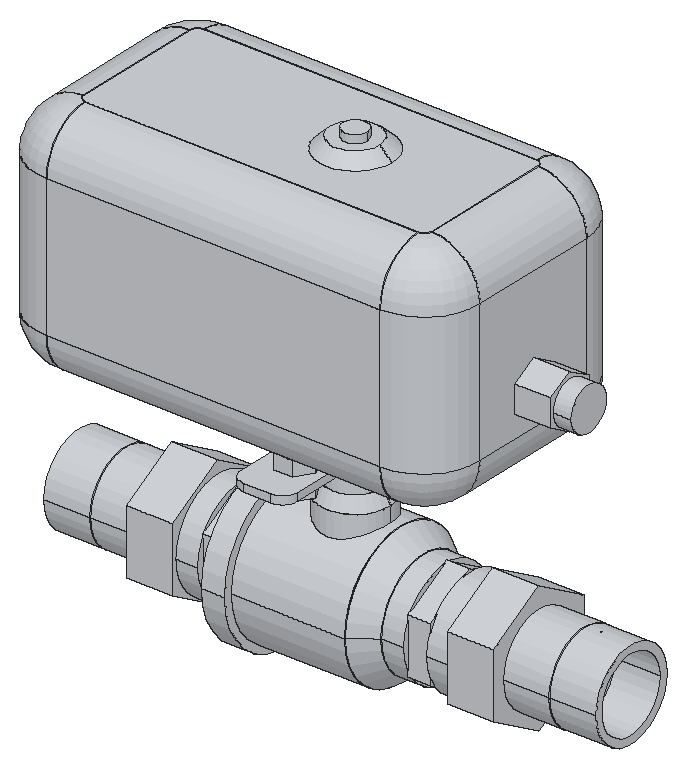
Revit family "306_82bbff842aca4f1c849c2f4f0a8b76", category Pipe Accessories, Revit 2022
Family settings
  Round Connector Dimension = Use Diameter
  Part Type = Valve - Breaks Into
  Work Plane-Based = No
  Always vertical = Yes
  Cut with Voids When Loaded = No
  Shared = No
Parameters (values of type "300115 34")
  magiProductId = "0273a7fd17934a97878f65b45ca933"
  magiProductFamilyId = "82bbff842aca4f1c849c2f4f0a8b76"
  magiPartTypeId = 306
  isMeasuringValve [instance] = no
  ang2D [instance] = 0.00°
  W2D = 25 mm
  VersionID = "2.0/2018.5.23.1/FAR_300115_001"
  Use Minimum Symbol Size [instance] = yes
  TS__ve = -TS  # -12.5 mm
  TS = 12.5 mm
  RW = 5.84 mm
  RT2 = 18.9 mm
  RT1 = 14.4 mm
  RT = 12 mm
  RNR = 7.3 mm
  RH = 3.808 mm
  R = 10 mm
  QmdConnectorList = "301;D;302;D"
  Productdata [instance] = "© MagiCAD Group, all rights reserved"
  NT__ve = -NT  # -12.4 mm
  NT = 12.4 mm
  NRS1 = 5.13 mm
  NR2 = 21 mm
  NR1 = 15 mm
  NR = 17.5 mm
  Manufacturer = "FAR"
  MC Product Code = "300115 34"
  LR__ve = -LR  # -30.8 mm
  LR = 30.8 mm
  L2D_Min = 3048 mm
  L2D = 144 mm
  L2 = 62 mm
  L1__ve = -L1  # -6.2 mm
  L1 = 6.2 mm
  KT2 = 3.3 mm
  KT1 = 6.6 mm
  KT = 9.9 mm
  GG__ve = -GG  # -36 mm
  GG = 36 mm
  G2 = 33 mm
  G1 = 19.8 mm
  Description = "Chr.-plated 2-way zone valve, 230V actuator, M-M connections"
  Default Elevation = 0 mm
  D = 20 mm
  CenSd_RNR_6 = RNR * cos(30.00°)  # 6.322 mm
  CenSd_NR_6 = NR * cos(30.00°)  # 15.155 mm
  CenSd_NRS1_6 = NRS1 * cos(30.00°)  # 4.443 mm
  CenSd_NR1_6 = NR1 * cos(30.00°)  # 12.99 mm
  CC1__ve = -CC1  # -38 mm
  CC1 = 38 mm
  CC = 64 mm
  BR1 = 7.6 mm
  BR = 9.5 mm
  B22 = 9.5 mm
  B2 = 11.5 mm
  B1 = 3.8 mm
  B0 = 22.7 mm
  AL3__ve = -AL3  # -90 mm
  AL3 = 90 mm
  AL2 = 48 mm
  AL1 = 72 mm
Types (4, lengths in mm): name | magiProductId | TS__ve | TS | RT2 | RT1 | RT | R | Productdata | NT__ve | NT | NRS1 | NR2 | NR1 | NR | MC Product Code | LR__ve | LR | L2 | L1__ve | L1 | D | CenSd_NR_6 | CenSd_NRS1_6 | CenSd_NR1_6 | BR1 | BR | B22 | B2 | B1 | B0
  300115 1 | "1726f645174242c28cbff20ad7d764" | -12 | 12 | 23.4 | 18 | 15 | 12.5 | "© Progman Oy, all rights reserved" | -14.4 | 14.4 | 6.413 | 26 | 18.75 | 21.875 | "300115 1" | -40.8 | 40.8 | 72 | -7.2 | 7.2 | 25 | 18.944 | 5.553 | 16.238 | 9.5 | 11.875 | 8.2 | 10.2 | 4.2 | 27.6
  300115 114 | "f08519b185ec4c089e5141239e042f" | -12.5 | 12.5 | 27.9 | 23.04 | 19.2 | 16 | "© Progman Oy, all rights reserved" | -16.4 | 16.4 | 8.208 | 31 | 24 | 28 | "300115 114" | -48.8 | 48.8 | 82 | -8.2 | 8.2 | 32 | 24.249 | 7.108 | 20.785 | 12.16 | 15.2 | 7.7 | 9.7 | 4.7 | 32.6
  300115 12 | "e5f44b288bd44e73a8be78a9bcda85" | -12.5 | 12.5 | 14.4 | 10.8 | 9 | 7.5 | "© Progman Oy, all rights reserved" | -11 | 11 | 3.848 | 16 | 11.25 | 13.125 | "300115 12" | -24.5 | 24.5 | 55 | -5.5 | 5.5 | 15 | 11.367 | 3.332 | 9.743 | 5.7 | 7.125 | 10 | 12 | 3.3 | 17.7
  300115 34 | "0273a7fd17934a97878f65b45ca933" | -12.5 | 12.5 | 18.9 | 14.4 | 12 | 10 | "© MagiCAD Group, all rights reserved" | -12.4 | 12.4 | 5.13 | 21 | 15 | 17.5 | "300115 34" | -30.8 | 30.8 | 62 | -6.2 | 6.2 | 20 | 15.155 | 4.443 | 12.99 | 7.6 | 9.5 | 9.5 | 11.5 | 3.8 | 22.7
Reference planes
  plane 1 "Center (Front/Back)": y = 0
  plane 2 "XYPLANE": z = 0
  plane 3 "Center (Left/Right)": x = 0
  plane 4 "193": z = 36
  plane 5 "173": z = 65
  plane 6 "172": x = 58
  plane 7 "164": z = 109
  plane 8 "138": z = 55
  plane 9 "127": z = 93
  plane 10 "117": y = 20
  plane 11 "113": x = 35
  plane 12 "107": y = -20
  plane 13 "103": x = -59
  plane 14 "100": z = 93
  plane 15 "99": z = 106
  plane 16 "93": z = 42
  plane 17 "92": y = 18
  plane 18 "91": y = -18
  plane 19 "90": x = 33
  plane 20 "89": x = -57
  plane 21 "88": x = -72
  plane 22 "87": x = 48
  plane 23 "84": x = -7.6
  plane 24 "83": x = 7.6
  plane 25 "82": y = -33
  plane 26 "81": y = 33
  plane 27 "69": y = -19.8
  plane 28 "68": y = 19.8
  plane 29 "62": z = 38
  plane 30 "58": z = 26.5
  plane 31 "57": z = 22.7
  plane 32 "51": x = 24.7
  plane 33 "46": x = 12.3
  plane 34 "45": x = 18.5
  plane 35 "42": x = -24.7
  plane 36 "39": x = 30.9
  plane 37 "38": x = 37.1
  plane 38 "33": x = -30.9
  plane 39 "32": x = -37.1
  plane 40 "27": x = 49.5
  plane 41 "26": x = 74.5
  plane 42 "17": x = -49.5
  plane 43 "15": x = -74.5
  plane 44 "8": y = 0
  plane 45 "7": z = 0
  plane 46 "6": x = -62
  plane 47 "5": x = 62
  plane 48 "4": x = 0
Forms (mm)
  Extrusion 1, solid
    sketch origin (48, -750, 0) x (0, 1, 0) y (0, 0, 1)
      loop
        line (750, 72.3) -> (743.678, 68.65) -> (743.678, 61.35) -> (750, 57.7) -> (756.322, 61.35) -> (756.322, 68.65) -> (750, 72.3)
    from 0 to 10
  Extrusion 2, solid
    sketch origin (58, -750, 0) x (0, 1, 0) y (0, 0, 1)
      loop
        circle (750, 65) r 5.84
    from 0 to 5
  Extrusion 3, solid
    sketch origin (-750, 0, 109) x (1, 0, 0) y (0, 1, 0)
      loop
        circle (750, 0) r 3.3
    from 0 to 2
  Blend 4, solid
    base sketch origin (-750, 0, 106) x (1, 0, 0) y (0, 1, 0)
      loop
        circle (750, 0) r 9.9
    top sketch origin (-750, 0, 106) x (1, 0, 0) y (0, 1, 0)
      loop
        circle (750, 0) r 6.6
    from 0 to 3
  Extrusion 5, solid
    sketch origin (-750, 0, 42) x (1, 0, 0) y (0, 1, 0)
      loop
        line (693, -20) -> (783, -20)
        arc (783, -20) -> (784.414, -19.414) -> (785, -18) r 2
        line (785, -18) -> (785, 18)
        arc (785, 18) -> (784.414, 19.414) -> (783, 20) r 2
        line (783, 20) -> (693, 20)
        arc (693, 20) -> (691.586, 19.414) -> (691, 18) r 2
        line (691, 18) -> (691, -18)
        arc (691, -18) -> (691.586, -19.414) -> (693, -20) r 2
    from 0 to 13
  Extrusion 6, solid
    sketch origin (750, -18, 0) x (-1, 0, 0) y (0, 0, 1)
      loop
        line (715, 55) -> (702, 55)
        arc (702, 55) -> (705.808, 45.808) -> (715, 42) r 13
        line (715, 42) -> (715, 55)
    from 0 to 36 <- "GG"
  Extrusion 7, solid
    sketch origin (750, 18, 0) x (-1, 0, 0) y (0, 0, 1)
      loop
        line (809, 55) -> (809, 42)
        arc (809, 42) -> (818.192, 45.808) -> (822, 55) r 13
        line (822, 55) -> (809, 55)
    from 0 to -36 <- "GG__ve"
  Extrusion 8, solid
    sketch origin (33, -750, 0) x (0, 1, 0) y (0, 0, 1)
      loop
        line (770, 55) -> (770, 42)
        arc (770, 42) -> (779.192, 45.808) -> (783, 55) r 13
        line (783, 55) -> (770, 55)
    from 0 to -90 <- "AL3__ve"
  Revolve 9, solid
    sketch origin (33, 20, 59) x (0, 1, 0) y (0, 0, 1)
      loop
        line (0, -4) -> (0, -17)
        arc (0, -17) -> (9.192, -13.192) -> (13, -4) r 13
        line (13, -4) -> (0, -4)
      axis (-2, -17) -> (-2, -4)
    angle from 0 to -90
  Revolve 10, solid
    sketch origin (-59, 18, 59) x (0, 0, 1) y (1, 0, 0)
      loop
        line (-4, 0) -> (-17, 0)
        arc (-17, 0) -> (-13.192, -9.192) -> (-4, -13) r 13
        line (-4, -13) -> (-4, 0)
      axis (-17, 2) -> (-4, 2)
    angle from 0 to -90
  Extrusion 11, solid
    sketch origin (-57, -750, 0) x (0, 1, 0) y (0, 0, 1)
      loop
        line (730, 55) -> (717, 55)
        arc (717, 55) -> (720.808, 45.808) -> (730, 42) r 13
        line (730, 42) -> (730, 55)
    from 0 to 90 <- "AL3"
  Revolve 12, solid
    sketch origin (35, -18, 59) x (0, 0, -1) y (1, 0, 0)
      loop
        line (4, 0) -> (17, 0)
        arc (17, 0) -> (13.192, 9.192) -> (4, 13) r 13
        line (4, 13) -> (4, 0)
      axis (17, -2) -> (4, -2)
    angle from 0 to -90
  Revolve 13, solid
    sketch origin (-57, -20, 59) x (0, -1, 0) y (0, 0, 1)
      loop
        line (0, -4) -> (0, -17)
        arc (0, -17) -> (9.192, -13.192) -> (13, -4) r 13
        line (13, -4) -> (0, -4)
      axis (-2, -17) -> (-2, -4)
    angle from 0 to -90
  Extrusion 14, solid
    sketch origin (-750, 0, 93) x (1, 0, 0) y (0, 1, 0)
      loop
        line (693, -33) -> (783, -33)
        arc (783, -33) -> (793.607, -28.607) -> (798, -18) r 15
        line (798, -18) -> (798, 18)
        arc (798, 18) -> (793.607, 28.607) -> (783, 33) r 15
        line (783, 33) -> (693, 33)
        arc (693, 33) -> (682.393, 28.607) -> (678, 18) r 15
        line (678, 18) -> (678, -18)
        arc (678, -18) -> (682.393, -28.607) -> (693, -33) r 15
    from 0 to -38 <- "CC1__ve"
  Extrusion 15, solid
    sketch origin (-57, -750, 0) x (0, 1, 0) y (0, 0, 1)
      loop
        line (730, 93) -> (730, 106)
        arc (730, 106) -> (720.808, 102.192) -> (717, 93) r 13
        line (717, 93) -> (730, 93)
    from 0 to 90 <- "AL3"
  Extrusion 16, solid
    sketch origin (33, -750, 0) x (0, 1, 0) y (0, 0, 1)
      loop
        line (770, 93) -> (783, 93)
        arc (783, 93) -> (779.192, 102.192) -> (770, 106) r 13
        line (770, 106) -> (770, 93)
    from 0 to -90 <- "AL3__ve"
  Extrusion 17, solid
    sketch origin (-750, 0, 106) x (1, 0, 0) y (0, 1, 0)
      loop
        line (693, -20) -> (783, -20)
        arc (783, -20) -> (784.414, -19.414) -> (785, -18) r 2
        line (785, -18) -> (785, 18)
        arc (785, 18) -> (784.414, 19.414) -> (783, 20) r 2
        line (783, 20) -> (693, 20)
        arc (693, 20) -> (691.586, 19.414) -> (691, 18) r 2
        line (691, 18) -> (691, -18)
        arc (691, -18) -> (691.586, -19.414) -> (693, -20) r 2
    from 0 to -13
  Extrusion 18, solid
    sketch origin (750, -18, 0) x (-1, 0, 0) y (0, 0, 1)
      loop
        line (715, 93) -> (715, 106)
        arc (715, 106) -> (705.808, 102.192) -> (702, 93) r 13
        line (702, 93) -> (715, 93)
    from 0 to 36 <- "GG"
  Revolve 19, solid
    sketch origin (33, 20, 97) x (0, 1, 0) y (0, 0, 1)
      loop
        line (0, -4) -> (13, -4)
        arc (13, -4) -> (9.192, 5.192) -> (0, 9) r 13
        line (0, 9) -> (0, -4)
      axis (-2, -4) -> (-2, 9)
    angle from 0 to -90
  Revolve 20, solid
    sketch origin (35, -18, 97) x (0, 0, -1) y (1, 0, 0)
      loop
        line (4, 0) -> (4, 13)
        arc (4, 13) -> (-5.192, 9.192) -> (-9, 0) r 13
        line (-9, 0) -> (4, 0)
      axis (4, -2) -> (-9, -2)
    angle from 0 to -90
  Extrusion 21, solid
    sketch origin (750, 18, 0) x (-1, 0, 0) y (0, 0, 1)
      loop
        line (809, 93) -> (822, 93)
        arc (822, 93) -> (818.192, 102.192) -> (809, 106) r 13
        line (809, 106) -> (809, 93)
    from 0 to -36 <- "GG__ve"
  Revolve 22, solid
    sketch origin (-57, -20, 97) x (0, -1, 0) y (0, 0, 1)
      loop
        line (0, -4) -> (13, -4)
        arc (13, -4) -> (9.192, 5.192) -> (0, 9) r 13
        line (0, 9) -> (0, -4)
      axis (-2, -4) -> (-2, 9)
    angle from 0 to -90
  Revolve 23, solid
    sketch origin (-59, 18, 97) x (0, 0, 1) y (1, 0, 0)
      loop
        line (-4, 0) -> (-4, -13)
        arc (-4, -13) -> (5.192, -9.192) -> (9, 0) r 13
        line (9, 0) -> (-4, 0)
      axis (-4, 2) -> (9, 2)
    angle from 0 to -90
  Extrusion 24, solid
    sketch origin (-750, 0, 38) x (1, 0, 0) y (0, 1, 0)
      loop
        arc (753.6, -33) -> (756.428, -31.828) -> (757.6, -29) r 4
        line (757.6, -29) -> (757.6, 29)
        arc (757.6, 29) -> (756.428, 31.828) -> (753.6, 33) r 4
        line (753.6, 33) -> (746.4, 33)
        arc (746.4, 33) -> (743.572, 31.828) -> (742.4, 29) r 4
        line (742.4, 29) -> (742.4, -29)
        arc (742.4, -29) -> (743.572, -31.828) -> (746.4, -33) r 4
        line (746.4, -33) -> (753.6, -33)
    from 0 to -2
  Blend 25, solid
    base sketch origin (18.5, -750, 0) x (0, 1, 0) y (0, 0, 1)
      loop
        circle (750, 0) r 14.4
    top sketch origin (18.5, -750, 0) x (0, 1, 0) y (0, 0, 1)
      loop
        circle (750, 0) r 18.9
    from 0 to -6.2
  Extrusion 26, solid
    sketch origin (12.3, -750, 0) x (0, 1, 0) y (0, 0, 1)
      loop
        circle (750, 0) r 18.9
    from 0 to -30.8 <- "LR__ve"
  Extrusion 27, solid
    sketch origin (-750, 0, 38) x (1, 0, 0) y (0, 1, 0)
      loop
        circle (750, 0) r 5.13
    from 0 to 4
  Extrusion 28, solid
    sketch origin (-750, 0, 36) x (1, 0, 0) y (0, 1, 0)
      loop
        line (755.13, -19.8) -> (752.565, -15.357) -> (747.435, -15.357) -> (744.87, -19.8) -> (747.435, -24.243) -> (752.565, -24.243) -> (755.13, -19.8)
    from 0 to -4
  Extrusion 29, solid
    sketch origin (-750, 0, 36) x (1, 0, 0) y (0, 1, 0)
      loop
        line (755.13, 19.8) -> (752.565, 24.243) -> (747.435, 24.243) -> (744.87, 19.8) -> (747.435, 15.357) -> (752.565, 15.357) -> (755.13, 19.8)
    from 0 to -4
  Extrusion 30, solid
    sketch origin (-750, 0, 38) x (1, 0, 0) y (0, 1, 0)
      loop
        line (755.13, -19.8) -> (752.565, -15.357) -> (747.435, -15.357) -> (744.87, -19.8) -> (747.435, -24.243) -> (752.565, -24.243) -> (755.13, -19.8)
    from 0 to 4
  Extrusion 31, solid
    sketch origin (-750, 0, 38) x (1, 0, 0) y (0, 1, 0)
      loop
        line (755.13, 19.8) -> (752.565, 24.243) -> (747.435, 24.243) -> (744.87, 19.8) -> (747.435, 15.357) -> (752.565, 15.357) -> (755.13, 19.8)
    from 0 to 4
  Extrusion 32, solid
    sketch origin (-750, 0, 26.5) x (1, 0, 0) y (0, 1, 0)
      loop
        circle (750, 0) r 7.6
    from 0 to 9.5 <- "B22"
  Blend 33, solid
    base sketch origin (-750, 0, 22.7) x (1, 0, 0) y (0, 1, 0)
      loop
        circle (750, 0) r 9.5
    top sketch origin (-750, 0, 22.7) x (1, 0, 0) y (0, 1, 0)
      loop
        circle (750, 0) r 7.6
    from 0 to 3.8
  Extrusion 34, solid
    sketch origin (-750, 0, 0) x (1, 0, 0) y (0, 1, 0)
      loop
        circle (750, 0) r 9.5
    from 0 to 22.7 <- "B0"
  Extrusion 35, solid
    sketch origin (-24.7, -750, 0) x (0, 1, 0) y (0, 0, 1)
      loop
        circle (750, 0) r 21
    from 0 to 6.2 <- "L1"
  Extrusion 36, solid
    sketch origin (24.7, -750, 0) x (0, 1, 0) y (0, 0, 1)
      loop
        circle (750, 0) r 14.4
    from 0 to -6.2 <- "L1__ve"
  Extrusion 37, solid
    sketch origin (37.1, -750, 0) x (0, 1, 0) y (0, 0, 1)
      loop
        circle (750, 0) r 14.4
    from 0 to -6.2 <- "L1__ve"
  Extrusion 38, solid
    sketch origin (30.9, -750, 0) x (0, 1, 0) y (0, 0, 1)
      loop
        line (750, 15) -> (737.01, 7.5) -> (737.01, -7.5) -> (750, -15) -> (762.99, -7.5) -> (762.99, 7.5) -> (750, 15)
    from 0 to -6.2 <- "L1__ve"
  Extrusion 39, solid
    sketch origin (-30.9, -750, 0) x (0, 1, 0) y (0, 0, 1)
      loop
        line (750, 15) -> (737.01, 7.5) -> (737.01, -7.5) -> (750, -15) -> (762.99, -7.5) -> (762.99, 7.5) -> (750, 15)
    from 0 to 6.2 <- "L1"
  Extrusion 40, solid
    sketch origin (-37.1, -750, 0) x (0, 1, 0) y (0, 0, 1)
      loop
        circle (750, 0) r 14.4
    from 0 to 6.2 <- "L1"
  Extrusion 41, solid
    sketch origin (74.5, -750, 0) x (0, 1, 0) y (0, 0, 1)
      loop
        circle (750, 0) r 12
      loop
        circle (750, 0) r 10
    from 0 to -12.5 <- "TS__ve"
  Extrusion 42, solid
    sketch origin (62, -750, 0) x (0, 1, 0) y (0, 0, 1)
      loop
        circle (750, 0) r 12
    from 0 to -12.5 <- "TS__ve"
  Extrusion 43, solid
    sketch origin (49.5, -750, 0) x (0, 1, 0) y (0, 0, 1)
      loop
        line (750, 17.5) -> (734.845, 8.75) -> (734.845, -8.75) -> (750, -17.5) -> (765.155, -8.75) -> (765.155, 8.75) -> (750, 17.5)
    from 0 to -12.4 <- "NT__ve"
  Extrusion 44, solid
    sketch origin (-49.5, -750, 0) x (0, 1, 0) y (0, 0, 1)
      loop
        line (750, 17.5) -> (734.845, 8.75) -> (734.845, -8.75) -> (750, -17.5) -> (765.155, -8.75) -> (765.155, 8.75) -> (750, 17.5)
    from 0 to 12.4 <- "NT"
  Extrusion 45, solid
    sketch origin (-62, -750, 0) x (0, 1, 0) y (0, 0, 1)
      loop
        circle (750, 0) r 12
    from 0 to 12.5 <- "TS"
  Extrusion 46, solid
    sketch origin (-74.5, -750, 0) x (0, 1, 0) y (0, 0, 1)
      loop
        circle (750, 0) r 12
      loop
        circle (750, 0) r 10
    from 0 to 12.5 <- "TS"
  Extrusion 47, solid, not visible
    sketch origin (62, -750, 0) x (0, 1, 0) y (0, 0, 1)
      loop
        circle (750, 0) r 10
    from 0 to -10
  Extrusion 48, solid, not visible
    sketch origin (-62, -750, 0) x (0, 1, 0) y (0, 0, 1)
      loop
        circle (750, 0) r 10
    from 0 to 10
Lines and regions (mm)
  reference lines, not visible
    curve 1: circle (2, 2, 0) r 1 normal (0, 0, 1)
  reference lines
    curve 2: line (48, 0, 65) -> (48, -3.161, 63.175)
    curve 3: line (48, 0, 65) -> (48, 0, 61.35)
    curve 4: line (48, 0, 65) -> (48, 3.161, 63.175)
    curve 5: line (35, -18, 42) -> (48, -18, 55)
    curve 6: line (-59, 18, 42) -> (-72, 18, 55)
    curve 7: line (33, 20, 42) -> (33, 33, 55)
    curve 8: line (33, 20, 42) -> (33, 33, 55)
    curve 9: line (-59, 18, 42) -> (-72, 18, 55)
    curve 10: line (-57, -20, 42) -> (-57, -33, 55)
    curve 11: line (35, -18, 42) -> (48, -18, 55)
    curve 12: line (-57, -20, 42) -> (-57, -33, 55)
    curve 13: line (-57, -20, 106) -> (-57, -33, 93)
    curve 14: line (33, 20, 106) -> (33, 33, 93)
    curve 15: line (35, -18, 106) -> (48, -18, 93)
    curve 16: line (33, 20, 106) -> (33, 33, 93)
    curve 17: line (35, -18, 106) -> (48, -18, 93)
    curve 18: line (-59, 18, 106) -> (-72, 18, 93)
    curve 19: line (-57, -20, 106) -> (-57, -33, 93)
    curve 20: line (-59, 18, 106) -> (-72, 18, 93)
    curve 21: line (0, -19.8, 36) -> (-1.603, -17.023, 36)
    curve 22: line (0, -19.8, 36) -> (-3.206, -19.8, 36)
    curve 23: line (0, -19.8, 36) -> (-1.603, -22.577, 36)
    curve 24: line (0, 19.8, 36) -> (-1.603, 22.577, 36)
    curve 25: line (0, 19.8, 36) -> (-3.206, 19.8, 36)
    curve 26: line (0, 19.8, 36) -> (-1.603, 17.023, 36)
    curve 27: line (0, -19.8, 38) -> (-1.603, -17.023, 38)
    curve 28: line (0, -19.8, 38) -> (-3.206, -19.8, 38)
    curve 29: line (0, -19.8, 38) -> (-1.603, -22.577, 38)
    curve 30: line (0, 19.8, 38) -> (-1.603, 22.577, 38)
    curve 31: line (0, 19.8, 38) -> (-3.206, 19.8, 38)
    curve 32: line (0, 19.8, 38) -> (-1.603, 17.023, 38)
    curve 33: line (30.9, 0, 0) -> (30.9, 8.119, -4.688)
    curve 34: line (30.9, 0, 0) -> (30.9, 0, -9.375)
    curve 35: line (30.9, 0, 0) -> (30.9, -8.119, -4.688)
    curve 36: line (-30.9, 0, 0) -> (-30.9, -8.119, -4.688)
    curve 37: line (-30.9, 0, 0) -> (-30.9, 0, -9.375)
    curve 38: line (-30.9, 0, 0) -> (-30.9, 8.119, -4.688)
    curve 39: line (49.5, 0, 0) -> (49.5, 9.472, -5.469)
    curve 40: line (49.5, 0, 0) -> (49.5, 0, -10.937)
    curve 41: line (49.5, 0, 0) -> (49.5, -9.472, -5.469)
    curve 42: line (-49.5, 0, 0) -> (-49.5, -9.472, -5.469)
    curve 43: line (-49.5, 0, 0) -> (-49.5, 0, -10.937)
    curve 44: line (-49.5, 0, 0) -> (-49.5, 9.472, -5.469)
Dimensions and locks
  plane 1 "Center (Front/Back)" to curve 1 = 2 mm
  locked: plane 29 "62" to plane 4 "193" at 2
  locked: plane 8 "138" to plane 5 "173" at 10
  locked: plane 22 "87" to plane 6 "172" at 10
  locked: plane 15 "99" to plane 7 "164" at 3
  locked: plane 16 "93" to plane 8 "138" at 13
  locked: plane 15 "99" to plane 9 "127" at 13
  locked: plane 17 "92" to plane 10 "117" at 2
  locked: plane 19 "90" to plane 11 "113" at 2
  locked: plane 18 "91" to plane 12 "107" at 2
  locked: plane 20 "89" to plane 13 "103" at 2
  locked: plane 15 "99" to plane 14 "100" at 13
  "CC": plane 16 "93" to plane 15 "99"
  locked: plane 29 "62" to plane 16 "93" at 4
  locked: plane 26 "81" to plane 17 "92" at 15
  locked: plane 25 "82" to plane 18 "91" at 15
  locked: plane 22 "87" to plane 19 "90" at 15
  locked: plane 21 "88" to plane 20 "89" at 15
  "AL1": plane 3 "Center (Left/Right)" to plane 21 "88"
  "AL2": plane 3 "Center (Left/Right)" to plane 22 "87"
  "BR1": plane 3 "Center (Left/Right)" to plane 23 "84"
  "BR1": plane 3 "Center (Left/Right)" to plane 24 "83"
  "G2": plane 1 "Center (Front/Back)" to plane 25 "82"
  "G2": plane 1 "Center (Front/Back)" to plane 26 "81"
  "G1": plane 1 "Center (Front/Back)" to plane 27 "69"
  "G1": plane 1 "Center (Front/Back)" to plane 28 "68"
  "B2": plane 30 "58" to plane 29 "62"
  "B1": plane 31 "57" to plane 30 "58"
  "B0": plane 2 "XYPLANE" to plane 31 "57"
  "L1": plane 36 "39" to plane 32 "51"
  "L1": plane 34 "45" to plane 33 "46"
  "L1": plane 32 "51" to plane 34 "45"
  "L1": plane 38 "33" to plane 35 "42"
  "L1": plane 37 "38" to plane 36 "39"
  "NT": plane 40 "27" to plane 37 "38"
  "L1": plane 39 "32" to plane 38 "33"
  "NT": plane 42 "17" to plane 39 "32"
  "TS": plane 47 "5" to plane 40 "27"
  "TS": plane 47 "5" to plane 41 "26"
  "TS": plane 46 "6" to plane 42 "17"
  "TS": plane 46 "6" to plane 43 "15"
  locked: plane 1 "Center (Front/Back)" to plane 44 "8"
  locked: plane 2 "XYPLANE" to plane 45 "7"
  "L2": plane 3 "Center (Left/Right)" to plane 46 "6"
  "L2": plane 3 "Center (Left/Right)" to plane 47 "5"
  locked: plane 3 "Center (Left/Right)" to plane 48 "4"
  "CenSd_RNR_6": curve 2 to Extrusion 1 sketch curve  (x2)
  "CenSd_RNR_6": curve 3 to Extrusion 1 sketch curve  (x2)
  "CenSd_RNR_6": curve 4 to Extrusion 1 sketch curve  (x2)
  Extrusion 1 sketch curve to Extrusion 1 sketch curve = 0 mm  (x12)
  Extrusion 5 sketch curve to Extrusion 5 sketch curve = 0 mm  (x16)
  "RH": curve 5 to Extrusion 6 sketch curve
  Extrusion 6 sketch curve to Extrusion 6 sketch curve = 0 mm  (x6)
  "RH": curve 6 to Extrusion 7 sketch curve
  Extrusion 7 sketch curve to Extrusion 7 sketch curve = 0 mm  (x6)
  "RH": curve 7 to Extrusion 8 sketch curve
  Extrusion 8 sketch curve to Extrusion 8 sketch curve = 0 mm  (x6)
  "RH": curve 8 to Revolve 9 sketch curve
  Revolve 9 sketch curve to Revolve 9 sketch curve = 0 mm  (x6)
  "RH": curve 9 to Revolve 10 sketch curve
  Revolve 10 sketch curve to Revolve 10 sketch curve = 0 mm  (x6)
  "RH": curve 10 to Extrusion 11 sketch curve
  Extrusion 11 sketch curve to Extrusion 11 sketch curve = 0 mm  (x6)
  "RH": curve 11 to Revolve 12 sketch curve
  Revolve 12 sketch curve to Revolve 12 sketch curve = 0 mm  (x6)
  "RH": curve 12 to Revolve 13 sketch curve
  Revolve 13 sketch curve to Revolve 13 sketch curve = 0 mm  (x6)
  Extrusion 14 sketch curve to Extrusion 14 sketch curve = 0 mm  (x16)
  "RH": curve 13 to Extrusion 15 sketch curve
  Extrusion 15 sketch curve to Extrusion 15 sketch curve = 0 mm  (x6)
  "RH": curve 14 to Extrusion 16 sketch curve
  Extrusion 16 sketch curve to Extrusion 16 sketch curve = 0 mm  (x6)
  Extrusion 17 sketch curve to Extrusion 17 sketch curve = 0 mm  (x16)
  "RH": curve 15 to Extrusion 18 sketch curve
  Extrusion 18 sketch curve to Extrusion 18 sketch curve = 0 mm  (x6)
  "RH": curve 16 to Revolve 19 sketch curve
  Revolve 19 sketch curve to Revolve 19 sketch curve = 0 mm  (x6)
  "RH": curve 17 to Revolve 20 sketch curve
  Revolve 20 sketch curve to Revolve 20 sketch curve = 0 mm  (x6)
  "RH": curve 18 to Extrusion 21 sketch curve
  Extrusion 21 sketch curve to Extrusion 21 sketch curve = 0 mm  (x6)
  "RH": curve 19 to Revolve 22 sketch curve
  Revolve 22 sketch curve to Revolve 22 sketch curve = 0 mm  (x6)
  "RH": curve 20 to Revolve 23 sketch curve
  Revolve 23 sketch curve to Revolve 23 sketch curve = 0 mm  (x6)
  Extrusion 24 sketch curve to Extrusion 24 sketch curve = 0 mm  (x16)
  "CenSd_NRS1_6": curve 21 to Extrusion 28 sketch curve  (x2)
  "CenSd_NRS1_6": curve 22 to Extrusion 28 sketch curve  (x2)
  "CenSd_NRS1_6": curve 23 to Extrusion 28 sketch curve  (x2)
  Extrusion 28 sketch curve to Extrusion 28 sketch curve = 0 mm  (x12)
  "CenSd_NRS1_6": curve 24 to Extrusion 29 sketch curve  (x2)
  "CenSd_NRS1_6": curve 25 to Extrusion 29 sketch curve  (x2)
  "CenSd_NRS1_6": curve 26 to Extrusion 29 sketch curve  (x2)
  Extrusion 29 sketch curve to Extrusion 29 sketch curve = 0 mm  (x12)
  "CenSd_NRS1_6": curve 27 to Extrusion 30 sketch curve  (x2)
  "CenSd_NRS1_6": curve 28 to Extrusion 30 sketch curve  (x2)
  "CenSd_NRS1_6": curve 29 to Extrusion 30 sketch curve  (x2)
  Extrusion 30 sketch curve to Extrusion 30 sketch curve = 0 mm  (x12)
  "CenSd_NRS1_6": curve 30 to Extrusion 31 sketch curve  (x2)
  "CenSd_NRS1_6": curve 31 to Extrusion 31 sketch curve  (x2)
  "CenSd_NRS1_6": curve 32 to Extrusion 31 sketch curve  (x2)
  Extrusion 31 sketch curve to Extrusion 31 sketch curve = 0 mm  (x12)
  "CenSd_NR1_6": curve 33 to Extrusion 38 sketch curve  (x2)
  "CenSd_NR1_6": curve 34 to Extrusion 38 sketch curve  (x2)
  "CenSd_NR1_6": curve 35 to Extrusion 38 sketch curve  (x2)
  Extrusion 38 sketch curve to Extrusion 38 sketch curve = 0 mm  (x12)
  "CenSd_NR1_6": curve 36 to Extrusion 39 sketch curve  (x2)
  "CenSd_NR1_6": curve 37 to Extrusion 39 sketch curve  (x2)
  "CenSd_NR1_6": curve 38 to Extrusion 39 sketch curve  (x2)
  Extrusion 39 sketch curve to Extrusion 39 sketch curve = 0 mm  (x12)
  "CenSd_NR_6": curve 39 to Extrusion 43 sketch curve  (x2)
  "CenSd_NR_6": curve 40 to Extrusion 43 sketch curve  (x2)
  "CenSd_NR_6": curve 41 to Extrusion 43 sketch curve  (x2)
  Extrusion 43 sketch curve to Extrusion 43 sketch curve = 0 mm  (x12)
  "CenSd_NR_6": curve 42 to Extrusion 44 sketch curve  (x2)
  "CenSd_NR_6": curve 43 to Extrusion 44 sketch curve  (x2)
  "CenSd_NR_6": curve 44 to Extrusion 44 sketch curve  (x2)
  Extrusion 44 sketch curve to Extrusion 44 sketch curve = 0 mm  (x12)
  "RW": radius of Extrusion 2 sketch curve
  "KT2": radius of Extrusion 3 sketch curve
  "KT1": radius of Blend 4 sketch curve
  "KT": radius of Blend 4 sketch curve
  radius of Extrusion 5 sketch curve = 2 mm  (x4)
  radius of Extrusion 14 sketch curve = 15 mm  (x4)
  radius of Extrusion 17 sketch curve = 2 mm  (x4)
  radius of Extrusion 24 sketch curve = 4 mm  (x4)
  "RT2": radius of Blend 25 sketch curve
  "RT1": radius of Blend 25 sketch curve
  "RT2": radius of Extrusion 26 sketch curve
  "NRS1": radius of Extrusion 27 sketch curve
  "BR1": radius of Extrusion 32 sketch curve
  "BR1": radius of Blend 33 sketch curve
  "BR": radius of Blend 33 sketch curve
  "BR": radius of Extrusion 34 sketch curve
  "NR2": radius of Extrusion 35 sketch curve
  "RT1": radius of Extrusion 36 sketch curve
  "RT1": radius of Extrusion 37 sketch curve
  "RT1": radius of Extrusion 40 sketch curve
  "RT": radius of Extrusion 41 sketch curve
  "R": radius of Extrusion 41 sketch curve
  "RT": radius of Extrusion 42 sketch curve
  "RT": radius of Extrusion 45 sketch curve
  "RT": radius of Extrusion 46 sketch curve
  "R": radius of Extrusion 46 sketch curve
  locked: curve 3 to curve 2 (angle 60.00°)
  locked: curve 4 to curve 3 (angle 60.00°)
  locked: curve 4 to curve 2 (angle 120.00°)
  locked: curve 22 to curve 21 (angle 60.00°)
  locked: curve 23 to curve 22 (angle 60.00°)
  locked: curve 23 to curve 21 (angle 120.00°)
  locked: curve 25 to curve 24 (angle 60.00°)
  locked: curve 26 to curve 25 (angle 60.00°)
  locked: curve 26 to curve 24 (angle 120.00°)
  locked: curve 28 to curve 27 (angle 60.00°)
  locked: curve 29 to curve 28 (angle 60.00°)
  locked: curve 29 to curve 27 (angle 120.00°)
  locked: curve 31 to curve 30 (angle 60.00°)
  locked: curve 32 to curve 31 (angle 60.00°)
  locked: curve 32 to curve 30 (angle 120.00°)
  locked: curve 34 to curve 33 (angle 60.00°)
  locked: curve 35 to curve 34 (angle 60.00°)
  locked: curve 35 to curve 33 (angle 120.00°)
  locked: curve 37 to curve 36 (angle 60.00°)
  locked: curve 38 to curve 37 (angle 60.00°)
  locked: curve 38 to curve 36 (angle 120.00°)
  locked: curve 40 to curve 39 (angle 60.00°)
  locked: curve 41 to curve 40 (angle 60.00°)
  locked: curve 41 to curve 39 (angle 120.00°)
  locked: curve 43 to curve 42 (angle 60.00°)
  locked: curve 44 to curve 43 (angle 60.00°)
  locked: curve 44 to curve 42 (angle 120.00°)
  aligned and locked: level to plane 2 "XYPLANE"
  aligned and locked: plane 5 "173" to curve 4
  aligned and locked: plane 44 "8" to curve 4
  aligned and locked: plane 5 "173" to Extrusion 2 sketch curve
  aligned and locked: plane 44 "8" to Extrusion 2 sketch curve
  aligned and locked: plane 44 "8" to Extrusion 3 sketch curve
  aligned and locked: plane 48 "4" to Extrusion 3 sketch curve
  aligned and locked: plane 44 "8" to Blend 4 sketch curve  (x2)
  aligned and locked: plane 48 "4" to Blend 4 sketch curve  (x2)
  aligned and locked: plane 7 "164" to Blend 4
  aligned and locked: plane 13 "103" to Extrusion 5 sketch curve
  aligned and locked: Extrusion 5 sketch curve to plane 10 "117"
  aligned and locked: Extrusion 5 sketch curve to plane 11 "113"
  aligned and locked: plane 12 "107" to Extrusion 5 sketch curve
  aligned and locked: plane 8 "138" to Extrusion 6 sketch curve
  aligned and locked: plane 11 "113" to curve 5
  aligned and locked: plane 16 "93" to curve 5
  aligned and locked: plane 8 "138" to curve 5
  aligned and locked: plane 22 "87" to curve 5
  aligned and locked: Extrusion 6 sketch curve to plane 8 "138"
  aligned and locked: plane 22 "87" to Extrusion 6 sketch curve
  aligned and locked: plane 11 "113" to Extrusion 6 sketch curve
  aligned and locked: plane 8 "138" to Extrusion 7 sketch curve  (x2)
  aligned and locked: plane 16 "93" to Extrusion 7 sketch curve
  aligned and locked: plane 13 "103" to curve 6
  aligned and locked: plane 16 "93" to curve 6
  aligned and locked: plane 8 "138" to curve 6
  aligned and locked: plane 21 "88" to curve 6
  aligned and locked: plane 21 "88" to Extrusion 7 sketch curve
  aligned and locked: plane 13 "103" to Extrusion 7 sketch curve
  aligned and locked: Extrusion 8 sketch curve to plane 10 "117"
  aligned and locked: plane 8 "138" to Extrusion 8 sketch curve  (x2)
  aligned and locked: plane 10 "117" to curve 7
  aligned and locked: plane 16 "93" to curve 7
  aligned and locked: plane 8 "138" to curve 7
  aligned and locked: plane 26 "81" to curve 7
  aligned and locked: plane 26 "81" to Extrusion 8 sketch curve
  aligned and locked: Revolve 9 sketch curve to plane 10 "117"
  aligned and locked: plane 8 "138" to Revolve 9 sketch curve  (x3)
  aligned and locked: plane 10 "117" to curve 8
  aligned and locked: plane 16 "93" to curve 8
  aligned and locked: plane 8 "138" to curve 8
  aligned and locked: plane 26 "81" to curve 8
  aligned and locked: plane 26 "81" to Revolve 9 sketch curve
  aligned and locked: plane 16 "93" to Revolve 9 sketch curve
  aligned and locked: plane 13 "103" to Revolve 10 sketch curve
  aligned and locked: plane 8 "138" to Revolve 10 sketch curve  (x3)
  aligned and locked: plane 16 "93" to Revolve 10 sketch curve  (x2)
  aligned and locked: plane 13 "103" to curve 9
  aligned and locked: plane 16 "93" to curve 9
  aligned and locked: plane 8 "138" to curve 9
  aligned and locked: plane 21 "88" to curve 9
  aligned and locked: plane 21 "88" to Revolve 10 sketch curve
  aligned and locked: Revolve 10 sketch curve to plane 20 "89"
  aligned and locked: plane 8 "138" to Extrusion 11 sketch curve
  aligned and locked: plane 16 "93" to Extrusion 11 sketch curve
  aligned and locked: plane 12 "107" to curve 10
  aligned and locked: plane 16 "93" to curve 10
  aligned and locked: plane 8 "138" to curve 10
  aligned and locked: plane 25 "82" to curve 10
  aligned and locked: Extrusion 11 sketch curve to plane 8 "138"
  aligned and locked: plane 25 "82" to Extrusion 11 sketch curve
  aligned and locked: plane 12 "107" to Extrusion 11 sketch curve
  aligned and locked: plane 11 "113" to Revolve 12 sketch curve
  aligned and locked: plane 8 "138" to Revolve 12 sketch curve  (x2)
  aligned and locked: plane 16 "93" to Revolve 12 sketch curve  (x2)
  aligned and locked: plane 11 "113" to curve 11
  aligned and locked: plane 16 "93" to curve 11
  aligned and locked: plane 8 "138" to curve 11
  aligned and locked: plane 22 "87" to curve 11
  aligned and locked: Revolve 12 sketch curve to plane 8 "138"
  aligned and locked: Revolve 12 sketch curve to plane 19 "90"
  aligned and locked: Revolve 13 sketch curve to plane 12 "107"
  aligned and locked: plane 8 "138" to Revolve 13 sketch curve  (x2)
  aligned and locked: plane 12 "107" to curve 12
  aligned and locked: plane 16 "93" to curve 12
  aligned and locked: plane 8 "138" to curve 12
  aligned and locked: plane 25 "82" to curve 12
  aligned and locked: Revolve 13 sketch curve to plane 8 "138"
  aligned and locked: plane 25 "82" to Revolve 13 sketch curve
  aligned and locked: plane 16 "93" to Revolve 13 sketch curve
  aligned and locked: plane 21 "88" to Extrusion 14 sketch curve
  aligned and locked: Extrusion 14 sketch curve to plane 26 "81"
  aligned and locked: Extrusion 14 sketch curve to plane 22 "87"
  aligned and locked: plane 25 "82" to Extrusion 14 sketch curve
  aligned and locked: plane 12 "107" to Extrusion 15 sketch curve
  aligned and locked: plane 14 "100" to Extrusion 15 sketch curve
  aligned and locked: plane 12 "107" to curve 13
  aligned and locked: plane 15 "99" to curve 13
  aligned and locked: plane 14 "100" to curve 13
  aligned and locked: plane 25 "82" to curve 13
  aligned and locked: Extrusion 15 sketch curve to plane 14 "100"
  aligned and locked: plane 25 "82" to Extrusion 15 sketch curve
  aligned and locked: plane 14 "100" to Extrusion 16 sketch curve  (x2)
  aligned and locked: plane 15 "99" to Extrusion 16 sketch curve
  aligned and locked: plane 10 "117" to curve 14
  aligned and locked: plane 15 "99" to curve 14
  aligned and locked: plane 14 "100" to curve 14
  aligned and locked: plane 26 "81" to curve 14
  aligned and locked: plane 26 "81" to Extrusion 16 sketch curve
  aligned and locked: plane 10 "117" to Extrusion 16 sketch curve
  aligned and locked: plane 13 "103" to Extrusion 17 sketch curve
  aligned and locked: Extrusion 17 sketch curve to plane 10 "117"
  aligned and locked: Extrusion 17 sketch curve to plane 11 "113"
  aligned and locked: plane 12 "107" to Extrusion 17 sketch curve
  aligned and locked: plane 14 "100" to Extrusion 18 sketch curve
  aligned and locked: plane 15 "99" to Extrusion 18 sketch curve
  aligned and locked: plane 11 "113" to curve 15
  aligned and locked: plane 15 "99" to curve 15
  aligned and locked: plane 14 "100" to curve 15
  aligned and locked: plane 22 "87" to curve 15
  aligned and locked: Extrusion 18 sketch curve to plane 14 "100"
  aligned and locked: plane 22 "87" to Extrusion 18 sketch curve
  aligned and locked: plane 11 "113" to Extrusion 18 sketch curve
  aligned and locked: plane 10 "117" to Revolve 19 sketch curve
  aligned and locked: plane 14 "100" to Revolve 19 sketch curve  (x3)
  aligned and locked: plane 15 "99" to Revolve 19 sketch curve  (x2)
  aligned and locked: plane 10 "117" to curve 16
  aligned and locked: plane 15 "99" to curve 16
  aligned and locked: plane 14 "100" to curve 16
  aligned and locked: plane 26 "81" to curve 16
  aligned and locked: plane 26 "81" to Revolve 19 sketch curve
  aligned and locked: Revolve 20 sketch curve to plane 11 "113"
  aligned and locked: plane 14 "100" to Revolve 20 sketch curve  (x2)
  aligned and locked: plane 15 "99" to Revolve 20 sketch curve  (x2)
  aligned and locked: plane 11 "113" to curve 17
  aligned and locked: plane 15 "99" to curve 17
  aligned and locked: plane 14 "100" to curve 17
  aligned and locked: plane 22 "87" to curve 17
  aligned and locked: Revolve 20 sketch curve to plane 14 "100"
  aligned and locked: plane 22 "87" to Revolve 20 sketch curve
  aligned and locked: Revolve 20 sketch curve to plane 19 "90"
  aligned and locked: Extrusion 21 sketch curve to plane 13 "103"
  aligned and locked: plane 14 "100" to Extrusion 21 sketch curve  (x2)
  aligned and locked: plane 13 "103" to curve 18
  aligned and locked: plane 15 "99" to curve 18
  aligned and locked: plane 14 "100" to curve 18
  aligned and locked: plane 21 "88" to curve 18
  aligned and locked: plane 21 "88" to Extrusion 21 sketch curve
  aligned and locked: plane 12 "107" to Revolve 22 sketch curve
  aligned and locked: plane 14 "100" to Revolve 22 sketch curve  (x2)
  aligned and locked: plane 15 "99" to Revolve 22 sketch curve  (x2)
  aligned and locked: plane 12 "107" to curve 19
  aligned and locked: plane 15 "99" to curve 19
  aligned and locked: plane 14 "100" to curve 19
  aligned and locked: plane 25 "82" to curve 19
  aligned and locked: Revolve 22 sketch curve to plane 14 "100"
  aligned and locked: plane 25 "82" to Revolve 22 sketch curve
  aligned and locked: Revolve 23 sketch curve to plane 13 "103"
  aligned and locked: plane 14 "100" to Revolve 23 sketch curve  (x3)
  aligned and locked: plane 15 "99" to Revolve 23 sketch curve  (x2)
  aligned and locked: plane 13 "103" to curve 20
  aligned and locked: plane 15 "99" to curve 20
  aligned and locked: plane 14 "100" to curve 20
  aligned and locked: plane 21 "88" to curve 20
  aligned and locked: plane 21 "88" to Revolve 23 sketch curve
  aligned and locked: Revolve 23 sketch curve to plane 20 "89"
  aligned and locked: plane 24 "83" to Extrusion 24 sketch curve
  aligned and locked: plane 26 "81" to Extrusion 24 sketch curve
  aligned and locked: Extrusion 24 sketch curve to plane 23 "84"
  aligned and locked: Extrusion 24 sketch curve to plane 25 "82"
  aligned and locked: Blend 25 sketch curve to plane 44 "8"  (x2)
  aligned and locked: plane 45 "7" to Blend 25 sketch curve  (x2)
  aligned and locked: Blend 25 to plane 33 "46"
  aligned and locked: Extrusion 26 sketch curve to plane 44 "8"
  aligned and locked: plane 45 "7" to Extrusion 26 sketch curve
  aligned and locked: plane 44 "8" to Extrusion 27 sketch curve
  aligned and locked: plane 48 "4" to Extrusion 27 sketch curve
  aligned and locked: plane 27 "69" to curve 23
  aligned and locked: plane 48 "4" to curve 23
  aligned and locked: plane 28 "68" to curve 25
  aligned and locked: plane 48 "4" to curve 25
  aligned and locked: plane 27 "69" to curve 29
  aligned and locked: plane 48 "4" to curve 29
  aligned and locked: plane 28 "68" to curve 31
  aligned and locked: plane 48 "4" to curve 31
  aligned and locked: plane 44 "8" to Extrusion 32 sketch curve
  aligned and locked: plane 48 "4" to Extrusion 32 sketch curve
  aligned and locked: plane 44 "8" to Blend 33 sketch curve  (x2)
  aligned and locked: plane 48 "4" to Blend 33 sketch curve  (x2)
  aligned and locked: plane 30 "58" to Blend 33
  aligned and locked: plane 44 "8" to Extrusion 34 sketch curve
  aligned and locked: plane 48 "4" to Extrusion 34 sketch curve
  aligned and locked: Extrusion 35 sketch curve to plane 44 "8"
  aligned and locked: plane 45 "7" to Extrusion 35 sketch curve
  aligned and locked: Extrusion 36 sketch curve to plane 44 "8"
  aligned and locked: plane 45 "7" to Extrusion 36 sketch curve
  aligned and locked: Extrusion 37 sketch curve to plane 44 "8"
  aligned and locked: plane 45 "7" to Extrusion 37 sketch curve
  aligned and locked: curve 35 to plane 44 "8"
  aligned and locked: plane 45 "7" to curve 35
  aligned and locked: curve 38 to plane 44 "8"
  aligned and locked: plane 45 "7" to curve 38
  aligned and locked: Extrusion 40 sketch curve to plane 44 "8"
  aligned and locked: plane 45 "7" to Extrusion 40 sketch curve
  aligned and locked: Extrusion 41 sketch curve to plane 44 "8"  (x2)
  aligned and locked: plane 45 "7" to Extrusion 41 sketch curve  (x2)
  aligned and locked: Extrusion 42 sketch curve to plane 44 "8"
  aligned and locked: plane 45 "7" to Extrusion 42 sketch curve
  aligned and locked: curve 41 to plane 44 "8"
  aligned and locked: plane 45 "7" to curve 41
  aligned and locked: curve 44 to plane 44 "8"
  aligned and locked: plane 45 "7" to curve 44
  aligned and locked: Extrusion 45 sketch curve to plane 44 "8"
  aligned and locked: plane 45 "7" to Extrusion 45 sketch curve
  aligned and locked: Extrusion 46 sketch curve to plane 44 "8"  (x2)
  aligned and locked: plane 45 "7" to Extrusion 46 sketch curve  (x2)
  aligned and locked: Extrusion 47 sketch curve to plane 44 "8"
  aligned and locked: plane 45 "7" to Extrusion 47 sketch curve
  aligned and locked: Extrusion 48 sketch curve to plane 44 "8"
  aligned and locked: plane 45 "7" to Extrusion 48 sketch curve
Automatic sketch dimensions
  plane 18 "91" to Extrusion 47 sketch curve = 8 mm
  plane 18 "91" to Extrusion 48 sketch curve = 8 mm
  plane 3 "Center (Left/Right)" to curve 1 = 2 mm
  Extrusion 6 sketch curve to plane 8 "138" = 0 mm
  Extrusion 8 sketch curve to plane 8 "138" = 0 mm
  Revolve 9 sketch curve to plane 17 "92" = 0 mm
  Revolve 9 sketch curve to plane 8 "138" = 0 mm
  Revolve 12 sketch curve to plane 8 "138" = 0 mm
  Revolve 13 sketch curve to plane 18 "91" = 0 mm
  plane 8 "138" to Revolve 13 sketch curve = 0 mm
  Extrusion 15 sketch curve to plane 9 "127" = 0 mm
  Revolve 19 sketch curve to plane 17 "92" = 0 mm
  Extrusion 21 sketch curve to plane 9 "127" = 0 mm
  Revolve 22 sketch curve to plane 18 "91" = 0 mm
  radius of curve 1 = 1 mm
Connectors
  piping at (-62, 0, 0), diameter 20, driven by "D"
    settings: on Extrusion 48, index 1, connector inside diameter 609.6 mm, connector length 0 mm, flow factor 0, pipe flow 0.0 L/s, pressure drop 0.0 Pa, fitting loss kfactor 0, connector angle 0.00°, fixture units 0, engagement length 0 mm, angle of deflection 0.00°, flow configuration 0, flow direction 0, fitting loss method 0, system type 29, joint type 0, gender type 0, connector reference index 2, connector utility 0, adjustable connector no, is connector primary yes, connector description ""
  piping at (62, 0, 0), diameter 20, driven by "D"
    settings: on Extrusion 47, index 2, connector inside diameter 609.6 mm, connector length 0 mm, flow factor 0, pipe flow 0.0 L/s, pressure drop 0.0 Pa, fitting loss kfactor 0, connector angle 0.00°, fixture units 0, engagement length 0 mm, angle of deflection 0.00°, flow configuration 0, flow direction 0, fitting loss method 0, system type 29, joint type 0, gender type 0, connector reference index 1, connector utility 0, adjustable connector no, is connector primary no, connector description ""
